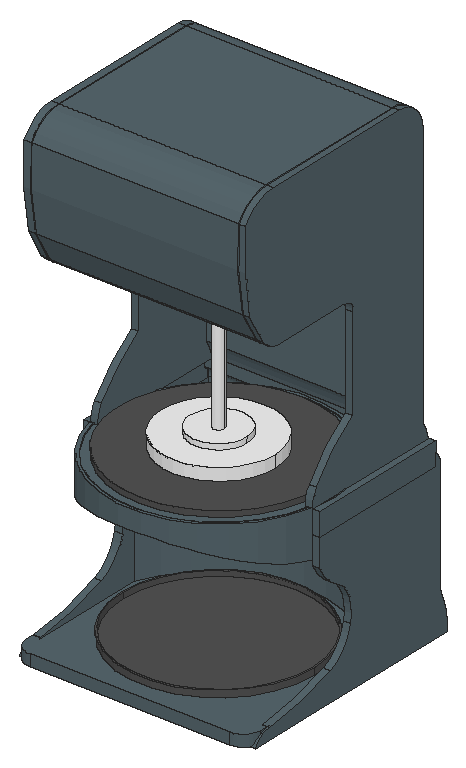
Revit family "Ice_Shaver_10653", category Мебель, Revit 2016
Family settings
  На основе рабочей плоскости = Нет
  Всегда вертикально = Да
  При загрузке вырезать с полостями = Нет
  Общий = Нет
  Точка расчета площади = Нет
Parameters (values of type "materials")
  torquoise = ""
  paint torquoise [instance] = ice maker paint turquoise 2
Reference planes
  plane 1 "Center (Front/Back)": y = 0
  plane 2: z = 0
  plane 3 "Center (Left/Right)": x = 0
Forms (mm)
  Extrusion 1, solid, material "ice maker paint turquoise 2" <- "paint torquoise"
    sketch origin (414.308, -437.582, 291.232) x (0, -1, 0) y (0, 0, 1)
      loop
        arc (-400, 50) -> (-407.092, 36.023) -> (-411.356, 20.941) r 80.875
        line (-411.356, 20.941) -> (-157.065, 20.941)
        arc (-157.065, 20.941) -> (-159.358, 36.804) -> (-166.262, 51.269) r 53.327
        arc (-166.262, 51.269) -> (-202.492, 94.51) -> (-246.678, 129.583) r 279.091
        line (-246.678, 129.583) -> (-246.678, 293.403)
        arc (-246.678, 293.403) -> (-240.464, 308.403) -> (-225.464, 314.616) r 21.213
        line (-225.464, 314.616) -> (-81.167, 314.616)
        arc (-81.167, 314.616) -> (-63.541, 319.405) -> (-49.591, 331.193) r 42.192
        line (-49.591, 331.193) -> (-19.23, 383.781)
        arc (-19.23, 383.781) -> (-8.932, 457.518) -> (-10.249, 531.959) r 476.364
        arc (-10.249, 531.959) -> (-35.86, 557.463) -> (-70.779, 566.793) r 70.008
        line (-70.779, 566.793) -> (-350, 566.793)
        arc (-350, 566.793) -> (-385.355, 552.148) -> (-400, 516.793) r 50
        line (-400, 516.793) -> (-400, 50)
    from 0 to 12.584
  Extrusion 2, solid, material "ice maker paint turquoise 2" <- "paint torquoise"
    sketch origin (23.209, -437.582, 291.232) x (0, -1, 0) y (0, 0, 1)
      loop
        line (-156.989, 20.941) -> (-412.162, 20.941) -> (-412.162, -20.466) -> (-156.989, -20.466) -> (-156.989, 20.941)
    from 0 to 12.584
  Extrusion 3, solid, material "ice maker paint turquoise 2" <- "paint torquoise"
    sketch origin (23.209, -440.082, 291.232) x (0, -1, 0) y (0, 0, 1)
      loop
        line (-159.489, -20.466) -> (-414.662, -20.466) -> (-414.662, 2.191)
        arc (-414.662, 2.191) -> (-422.563, -7.797) -> (-423.865, -20.465) r 22.768
        line (-423.865, -20.465) -> (-423.865, -216.6)
        arc (-423.865, -216.6) -> (-435.091, -245.7) -> (-439.183, -276.621) r 132.098
        arc (-439.183, -276.621) -> (-439.223, -283.926) -> (-439.15, -291.232) r 473.151
        line (-439.15, -291.232) -> (-136.498, -291.232) -> (-19.23, -291.232)
        arc (-19.23, -291.232) -> (-31.577, -277.252) -> (-49.23, -271.232) r 36.365
        arc (-49.23, -271.232) -> (-117.74, -261.087) -> (-183.853, -240.46) r 446.082
        arc (-183.853, -240.46) -> (-213.36, -218.918) -> (-228.894, -185.852) r 73.693
        arc (-228.894, -185.852) -> (-227.593, -150.192) -> (-210.899, -118.655) r 79.902
        arc (-210.899, -118.655) -> (-198.101, -109.367) -> (-184.775, -100.855) r 266.627
        arc (-184.775, -100.855) -> (-170.744, -85.892) -> (-159.489, -68.742) r 119.059
        line (-159.489, -68.742) -> (-159.489, -20.466)
    from 0 to 12.584
  Extrusion 4, solid, material "ice maker paint turquoise 2" <- "paint torquoise"
    sketch origin (0, 0, 0) x (0, 1, 0) y (0, 0, 1)
      loop
        arc (-366.803, 858.025) -> (-401.903, 848.62) -> (-427.597, 822.926) r 70.199
        arc (-427.597, 822.926) -> (-428.558, 748.62) -> (-418.352, 675.013) r 493.602
        line (-418.352, 675.013) -> (-387.991, 622.425)
        arc (-387.991, 622.425) -> (-375.988, 611.726) -> (-360.854, 606.294) r 42.192
        line (-360.854, 606.294) -> (-63.795, 606.294)
        arc (-63.795, 606.294) -> (-48.795, 600.08) -> (-42.582, 585.08) r 21.213
        line (-42.582, 585.08) -> (-42.582, 340.131)
        arc (-42.582, 340.131) -> (-34.734, 324.939) -> (-30.305, 308.424) r 79.78
        line (-30.305, 308.424) -> (-25.42, 308.424)
        arc (-25.42, 308.424) -> (-29.81, 325.455) -> (-37.582, 341.232) r 85.78
        line (-37.582, 341.232) -> (-37.582, 637.69) -> (-37.582, 808.025)
        arc (-37.582, 808.025) -> (-52.226, 843.381) -> (-87.582, 858.025) r 50
        line (-87.582, 858.025) -> (-366.803, 858.025)
    from 35.792 to 401.725
  Sweep 5, solid, material "ice maker black"
    path origin (0, 0, -29.059) x (1, 0, 0) y (0, 0, 1)
      loop
        line (216.292, 341.232) -> (216.292, 351.232)
    profile origin (216.292, 0, 317.173) x (-1, 0, 0) y (0, -1, 0)
      loop
        circle (-0.284, 237.117) r 180
  Extrusion 6, solid, material "ice maker paint turquoise 2" <- "paint torquoise"
    sketch origin (0, 0, 0) x (1, 0, 0) y (0, 1, 0)
      loop
        circle (216.575, -237.117) r 200
      loop
        circle (216.575, -237.117) r 194
    from 209.063 to 312.173
  Extrusion 7, void
    sketch origin (7.5, 0, 0) x (1, 0, 0) y (0, 0, 1)
      loop
        arc (408.764, 228.544) -> (212.326, 278.998) -> (15.709, 229.248) r 410.492
        line (15.709, 229.248) -> (15.709, 189.167) -> (408.764, 189.167) -> (408.764, 228.544)
    from 25.64 to 512.977
  Extrusion 8, solid, material "ice maker paint turquoise 2"
    sketch origin (0, 30, 0) x (1, 0, 0) y (0, 1, 0)
      loop
        arc (22.899, -216.375) -> (218.125, -83.627) -> (413.046, -216.823) r 209.575
        line (413.046, -216.823) -> (416.264, -216.823)
        arc (416.264, -216.823) -> (218.125, -80.627) -> (19.678, -216.375) r 212.575
        line (19.678, -216.375) -> (22.899, -216.375)
    from 0 to 293.424
  Sweep 9, solid, material "ice maker paint turquoise 2" <- "paint torquoise"
    path origin (0, 0, -341.232) x (1, 0, 0) y (0, 0, 1)
      loop
        line (216.292, 341.232) -> (216.292, 361.232)
    profile origin (216.292, 0, 10) x (-1, 0, 0) y (0, -1, 0)
      loop
        line (175.667, 435.852) -> (-176.292, 435.852)
        arc (-176.292, 435.852) -> (-197.505, 427.065) -> (-206.292, 405.852) r 30
        line (-206.292, 405.852) -> (-206.292, -0.041) -> (205.667, -0.041) -> (205.667, 405.852)
        arc (205.667, 405.852) -> (196.88, 427.065) -> (175.667, 435.852) r 30
  Extrusion 10, solid, material "ice maker paint turquoise 2" <- "paint torquoise"
    sketch origin (0, 0, 0) x (0, 1, 0) y (0, 0, 1)
      loop
        line (-25.42, 293.424) -> (-25.42, 312.173) -> (-31.178, 312.173) -> (-31.178, 289.914)
        arc (-31.178, 289.914) -> (-23.469, 282.143) -> (-21.983, 271.299) r 17.259
        line (-21.983, 271.299) -> (-22.83, 73.721)
        arc (-22.83, 73.721) -> (-10.178, 42.984) -> (-5.959, 10.013) r 126.643
        line (-5.959, 10.013) -> (-5.959, 0) -> (0.041, 0) -> (0.041, 10)
        arc (0.041, 10) -> (-4.172, 43.736) -> (-16.823, 75.292) r 132.643
        line (-16.823, 75.292) -> (-15.985, 270.766)
        arc (-15.985, 270.766) -> (-17.471, 283.44) -> (-25.42, 293.424) r 23.259
    from 23.209 to 410
  Extrusion 11, solid, material "ice maker black"
    sketch origin (-3.367, 0, -186.556) x (1, 0, 0) y (0, 1, 0)
      loop
        circle (216.575, -237.117) r 170
      loop
        circle (216.575, -237.117) r 168
    from 206.556 to 218.203
  Extrusion 12, solid, material "ice maker aluminum"
    sketch origin (0, 0, 0) x (1, 0, 0) y (0, 1, 0)
      loop
        circle (213.209, -236.117) r 100
    from 322.173 to 343.622
  Extrusion 13, solid, material "ice maker aluminum"
    sketch origin (0, 0, 0) x (1, 0, 0) y (0, 1, 0)
      loop
        circle (213.209, -236.117) r 50
    from 343.622 to 353.179
  Extrusion 14, solid, material "ice maker aluminum 2"
    sketch origin (0, 0, 0) x (1, 0, 0) y (0, 1, 0)
      loop
        circle (213.209, -236.117) r 10
    from 353.179 to 637.69
  Extrusion 15, solid, material "ice maker paint turquoise 2" <- "paint torquoise"
    sketch origin (35.792, -437.582, 291.232) x (0, -1, 0) y (0, 0, 1)
      loop
        arc (-400, 50) -> (-407.762, 34.248) -> (-411.941, 17.191) r 80.875
        line (-411.941, 17.191) -> (-157.224, 17.191)
        arc (-157.224, 17.191) -> (-158.845, 34.999) -> (-166.262, 51.269) r 53.327
        arc (-166.262, 51.269) -> (-202.492, 94.51) -> (-246.678, 129.583) r 279.091
        line (-246.678, 129.583) -> (-246.678, 293.403)
        arc (-246.678, 293.403) -> (-240.464, 308.403) -> (-225.464, 314.616) r 21.213
        line (-225.464, 314.616) -> (-81.167, 314.616)
        arc (-81.167, 314.616) -> (-63.541, 319.405) -> (-49.591, 331.193) r 42.192
        line (-49.591, 331.193) -> (-19.23, 383.781)
        arc (-19.23, 383.781) -> (-9.024, 457.388) -> (-9.984, 531.693) r 493.602
        arc (-9.984, 531.693) -> (-35.679, 557.388) -> (-70.779, 566.793) r 70.199
        line (-70.779, 566.793) -> (-350, 566.793)
        arc (-350, 566.793) -> (-385.355, 552.148) -> (-400, 516.793) r 50
        line (-400, 516.793) -> (-400, 50)
    from 0 to 12.584
  Extrusion 16, solid, material "ice maker paint turquoise 2"
    sketch origin (0, 0, 0) x (1, 0, 0) y (0, 1, 0)
      loop
        circle (216.604, -237.35) r 194.029
    from 299.461 to 312.173
  Extrusion 17, solid, material "ice maker black"
    sketch origin (0, 0, 10) x (1, 0, 0) y (0, 1, 0)
      loop
        circle (213.209, -237.117) r 168
    from 10 to 12.622
  Extrusion 18, solid, material "ice maker paint turquoise 2" <- "paint torquoise"
    sketch origin (426.972, -437.582, 291.232) x (0, -1, 0) y (0, 0, 1)
      loop
        line (-156.989, 20.941) -> (-412.162, 20.941) -> (-412.162, -20.466) -> (-156.989, -20.466) -> (-156.989, 20.941)
    from 0 to 12.584
  Extrusion 19, solid, material "ice maker paint turquoise 2" <- "paint torquoise"
    sketch origin (426.972, -440.082, 291.232) x (0, -1, 0) y (0, 0, 1)
      loop
        line (-159.489, -20.466) -> (-414.662, -20.466) -> (-414.662, 2.191)
        arc (-414.662, 2.191) -> (-422.563, -7.797) -> (-423.865, -20.465) r 22.768
        line (-423.865, -20.465) -> (-423.865, -216.6)
        arc (-423.865, -216.6) -> (-435.091, -245.7) -> (-439.183, -276.621) r 132.098
        arc (-439.183, -276.621) -> (-439.223, -283.926) -> (-439.15, -291.232) r 473.151
        line (-439.15, -291.232) -> (-136.498, -291.232) -> (-19.23, -291.232)
        arc (-19.23, -291.232) -> (-31.577, -277.252) -> (-49.23, -271.232) r 36.365
        arc (-49.23, -271.232) -> (-117.74, -261.087) -> (-183.853, -240.46) r 446.082
        arc (-183.853, -240.46) -> (-213.36, -218.918) -> (-228.894, -185.852) r 73.693
        arc (-228.894, -185.852) -> (-227.593, -150.192) -> (-210.899, -118.655) r 79.902
        arc (-210.899, -118.655) -> (-198.101, -109.367) -> (-184.775, -100.855) r 266.627
        arc (-184.775, -100.855) -> (-170.744, -85.892) -> (-159.489, -68.742) r 119.059
        line (-159.489, -68.742) -> (-159.489, -20.466)
    from 0 to 12.584
Cuts and joins
  Extrusion 7 cuts Extrusion 3
  Extrusion 7 cuts Extrusion 6
